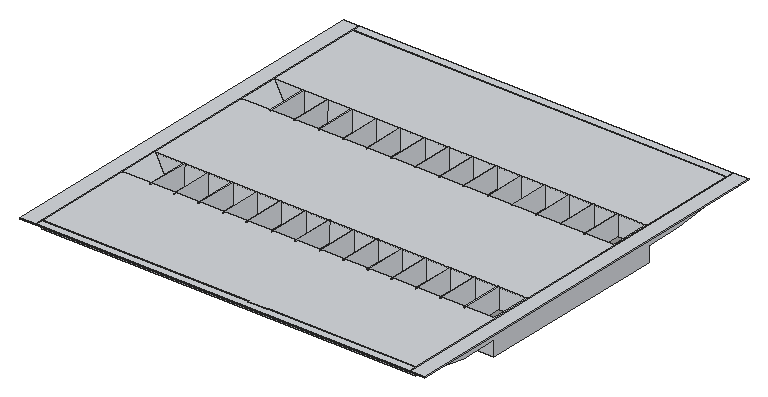
Revit family "0052605 Sylvania Lighting Fixture RANA NEO 3500LM REC 625x625 840 SSC EM 2L WHITE", category Lighting Fixtures, host Face, Revit 2016
Family settings
  Host = Face
  Part Type = Normal
  Round Connector Dimension = Use Diameter
  OmniClass Number = 23.80.70.00
  OmniClass Title = Lighting
  Cut with Voids When Loaded = No
  Light Source = Yes
  Shared = No
  Room Calculation Point = No
Parameters (values of type "0052605 RANA NEO 3500LM R 625 840 SSC EM 2L WHT")
  fin7 = 37 mm
  fin3 = 332 mm
  fin2 [instance] = 368 mm
  fin 6 = 110 mm
  fin 5 = 185 mm
  fin 4 = 258 mm
  fin 3 [instance] = 318 mm
  fin 2 = 407 mm
  fin 1 = 480 mm
  cut-out2 = 618 mm
  cut-out = 618 mm
  Width_SYL = if([600x600_SYL], 595 mm, if([625x625_SYL], 620 mm, if([1200_SYL], 296 mm, 306 mm)))  # 595 mm
  Width = 618 mm
  Weight = "n/a"
  Wattage Comments = ""
  Wattage = 193.079 W
  WarrantyStartDate [instance] = "n/a"
  WarrantyGuarantorParts = "n/a"
  WarrantyDurationUnit = "n/a"
  WarrantyDurationParts = ""
  WarrantyDescription = "http://www.sylvania-lighting.com"
  built-in parameter 1150110 = 1 (stored number, unit not read)
  Voltage = 0 V
  URL = "0.95"
  TypeName = "RANA NEO 3500LM REC 625x625 840 SSC EM 2L WHITE"
  Type Image = <None>
  Type Comments = "n/a"
  built-in parameter 1114217 = 1 (stored number, unit not read)
  TopWidth_SYL = if([600x600_SYL], 295 mm, if([625x625_SYL], 295 mm, if([1200_SYL], 165 mm, 165 mm)))  # 295 mm
  Tilt Angle = -90.00°
  built-in parameter 1150109 = 1 (stored number, unit not read)
  built-in parameter 1150134 = (empty or 0)
  built-in parameter 1150113 = 1 (stored number, unit not read)
  SlopeTopWidth_SYL = if([600x600_SYL], 410 mm, if([625x625_SYL], 410 mm, if([1200_SYL], 168 mm, 168 mm)))  # 410 mm
  SlopeBottomWidth_SYL = if([600x600_SYL], 593 mm, if([625x625_SYL], 593 mm, if([1200_SYL], 244 mm, 244 mm)))  # 593 mm
  SlopeHeight_SYL = if([600x600_SYL], 17 mm, if([625x625_SYL], 17 mm, if([1200_SYL], 40 mm, 40 mm)))  # 17 mm
  SerialNumber [instance] = "n/a"
  ReflectorNumber_SYL = if([1Ref_SYL], 2, if([2Ref_SYL], 2, 3))  # 2
  ReflectorLength_SYL = Length_SYL - Inset_SYL * 2 - 5 mm  # 550 mm
  ReflectorInset_SYL = if([1Ref_SYL], 82.4 mm, if([2Ref_SYL], 30 mm, 30 mm))  # 30 mm
  Photometric Web File = "0052605.ies"
  Material_3_SYL = none
  PowerFactor = 0.95
  PowerConsumption = "Lighting"
  NominalLength = 620 mm
  NominalHeight = 60 mm
  NominalDepth = 595 mm
  Name = "RANA NEO 3500LM REC 625x625 840 SSC EM 2L WHITE"
  ModelReference = Name  # "RANA NEO 3500LM REC 625x625 840 SSC EM 2L WHITE"
  ModelNumber = "0052605"
  Model = Name  # "RANA NEO 3500LM REC 625x625 840 SSC EM 2L WHITE"
  Material = "Feilo Sylvania"
  ManufacturerName = "106 lm/W"
  Manufacturer = ""
  LuminousEfficacy = ""
  built-in parameter 1150105 = 1536.5 (stored number, unit not read)
  Lumens = 19307.9 lm
  LuminaireType = "0"
  built-in parameter 1150115 = 1 (stored number, unit not read)
  LouverNumber_SYL = if([600x600_SYL], 14, if([625x625_SYL], 14, if([1200_SYL], 28, 28)))  # 14
  LightOutputRatio = "LED"
  built-in parameter 1150137 = (empty or 0)
  built-in parameter 1150139 = (empty or 0)
  Length_SYL = if([600x600_SYL], 595 mm, if([625x625_SYL], 620 mm, if([1200_SYL], 1196 mm, 1246 mm)))  # 595 mm
  Length = 618 mm
  LampsType = Lamp  # "n/a"
  LampNominalLuminous = "4000 K"
  LampMacAdamStep = "80"
  LampColourTemperature = "LED"
  LampColourRenderingIndex = "16500"
  built-in parameter 1150112 = 1 (stored number, unit not read)
  built-in parameter 1150114 = 1 (stored number, unit not read)
  Lamp = "n/a"
  LED position [instance] = 410 mm
  LED inside width = 165 mm
  LED inner void = 521.5 mm
  LED Width = 290 mm
  LED Length = 568 mm
  Keynote = "n/a"
  InstallationDate [instance] = "n/a"
  Inset_SYL = 20 mm  # constant formula
  InputVoltage = "0"
  InputNominalFrequency = "4000"
  built-in parameter 1150132 = (empty or 0)
  built-in parameter 1150102 = (empty or 0)
  built-in parameter 1150107 = 3000 (stored number, unit not read)
  built-in parameter 1150138 = (empty or 0)
  IngressProtection = "IfcLightFixtureType"
  ImpactProtectionIndex = "IfcLightFixtureType"
  built-in parameter 1150106 = 15.365 (stored number, unit not read)
  IfcExportType = "IfcLightFixtureType"
  IfcExportAs = "Class I"
  Height = 52 mm
  Emit from Rectangle Width = if([1Ref_SYL], 48 mm, TopWidth_SYL - 13 mm)  # 282 mm
  Emit from Rectangle Length = ReflectorLength_SYL - 8 mm  # 542 mm
  Emit Shape Visible in Rendering = no
  ElectricShockClassification = "106"
  built-in parameter 1150104 = 9.2903 (stored number, unit not read)
  DocumentationLiterature = "http://www.sylvania-lighting.com/product/en-int/products/0052605"
  DimmingControlOptions = "n/a"
  Material_2_SYL = none
  Dimming Lamp Color Temperature Shift = <None>
  Description = "-"
  Default Elevation = 1219.2 mm
  CreatedOn = "25/11/2019"
  CreatedBy = "@sylvania-lighting.com"
  Cost = 0
  Color Filter = 16777215
  built-in parameter 1114216 [instance] = (empty or 0)
  ClassificationValue = "EF_70_80"
  ClassificationName = "Uniclass2015"
  Material_1_SYL = none
  BarCode [instance] = "n/a"
  built-in parameter 1114218 = 1 (stored number, unit not read)
  built-in parameter 1150133 = 10 (stored number, unit not read)
  AssetType = "Fixed"
  AssetIdentifier [instance] = "n/a"
  Assembly Code = "D5020200"
  Apparent Load = 33 VA
  Material_4_SYL = none
  625x625_SYL = no
  600x600_SYL = yes
  2Ref_SYL = yes
  1Ref_SYL = no
  1200_SYL = no
Reference planes
  plane 1 "Center (Front/Back)": y = 0
  plane 2: z = 0
  plane 3 "Center (Left/Right)": x = 0
  plane 4: x = 60
  plane 5: x = 30
  plane 6: y = 297.5
  plane 7: y = -297.5
  plane 8: z = -120
  plane 9: z = -3
  plane 10: z = -12
  plane 11: z = -29
  plane 12: z = -52
  plane 13: y = -296.5
  plane 14: y = 296.5
  plane 15: y = 145
  plane 16: y = -145
  plane 17: y = 82.5
  plane 18: y = -82.5
  plane 19: x = -284
  plane 20: x = 284
  plane 21: y = 141
  plane 22: y = 86.5
  plane 23: x = -264
  plane 24: x = 257.5
  plane 25: x = -286
  plane 26: x = 286
  plane 27: y = -86.5
  plane 28: y = -141
  plane 29: x = 18.5
  plane 30: x = -18.5
  plane 31: x = 55
  plane 32: x = -55
  plane 33: x = 92.5
  plane 34: x = -92.5
  plane 35: x = 129
  plane 36: x = -129
  plane 37: x = 166
  plane 38: x = -166
  plane 39: x = -203.5
  plane 40: x = 203.5
  plane 41: x = -240
  plane 42: x = 240
  plane 43: x = 169.5
  plane 44: x = 162.5
  plane 45: x = 166.5
  plane 46: x = 165.5
  plane 47: x = 309
  plane 48: x = -309
  plane 49: y = 309
  plane 50: y = -309
  plane 51: x = 309
  plane 52: x = -309
  plane 53: y = 309
  plane 54: y = -309
Forms (mm)
  Extrusion 1, void
    sketch origin (0, 0, 0) x (1, 0, 0) y (0, 1, 0)
      loop
        line (-309, 309) -> (-309, -309) -> (309, -309) -> (309, 309) -> (-309, 309)
    from -120 to 97.685
  Extrusion 2, solid, detail levels medium+fine
    sketch origin (0, 0, 0) x (0, 1, 0) y (0, 0, 1)
      loop
        line (-296.5, 0) -> (-296.5, -12) -> (-205, -29) -> (-147.5, -29) -> (-147.5, -52) -> (147.5, -52) -> (147.5, -29) -> (205, -29) -> (296.5, -17.514) -> (296.5, 0) -> (-296.5, 0)
    from -286 to 286
  Extrusion 3, solid, detail levels medium+fine
    sketch origin (275, 1524, 1219.2) x (0, 1, 0) y (0, 0, 1)
      loop
        line (-1226.5, -1222.2) -> (-1226.5, -1219.2) -> (-1820.5, -1219.2) -> (-1820.5, -1222.2) -> (-1226.5, -1222.2)
    from 11 to -215
  Extrusion 4, solid, detail levels medium+fine
    sketch origin (-275, 1524, 1219.2) x (0, 1, 0) y (0, 0, 1)
      loop
        line (-1820.5, -1222.2) -> (-1227.5, -1222.2) -> (-1227.5, -1219.2) -> (-1820.5, -1219.2) -> (-1820.5, -1222.2)
    from -11 to 305
  Extrusion 5, solid, detail levels medium+fine
    sketch origin (0, 0, 0) x (0, 1, 0) y (0, 0, 1)
      loop
        line (-297.5, 0) -> (-297.5, -3) -> (-296.5, -3) -> (-296.5, 0) -> (-297.5, 0)
      loop
        line (297.5, -3) -> (297.5, 0) -> (296.5, 0) -> (296.5, -3) -> (297.5, -3)
    from 30 to 60
  Blend 6, void
    base sketch origin (0, 0, 0) x (1, 0, 0) y (0, 1, 0)
      loop
        line (-284, 145) -> (-284, 82.5) -> (284, 82.5) -> (284, 145) -> (-284, 145)
    top sketch origin (0, 0, 0) x (1, 0, 0) y (0, 1, 0)
      loop
        line (-264, 141) -> (-264, 86.5) -> (257.5, 86.5) -> (257.5, 141) -> (-264, 141)
    from 0 to -29
  Blend 7, void
    base sketch origin (0, 0, 0) x (1, 0, 0) y (0, 1, 0)
      loop
        line (-284, -82.5) -> (-284, -145) -> (284, -145) -> (284, -82.5) -> (-284, -82.5)
    top sketch origin (0, 0, 0) x (1, 0, 0) y (0, 1, 0)
      loop
        line (257.5, -86.5) -> (-264, -86.5) -> (-264, -141) -> (257.5, -141) -> (257.5, -86.5)
    from 0 to -29
  Extrusion 8, solid, detail levels fine
    sketch origin (0, 0, 0) x (1, 0, 0) y (0, 0, 1)
      loop
        line (162.5, -29) -> (169.5, -29) -> (166.5, 0) -> (165.5, 0) -> (162.5, -29)
    from -145 to -82.5
  Extrusion 9, solid, detail levels fine
    sketch origin (37.5, 0, 0) x (1, 0, 0) y (0, 0, 1)
      loop
        line (162.5, -29) -> (169.5, -29) -> (166.5, 0) -> (165.5, 0) -> (162.5, -29)
    from -145 to -82.5
  Extrusion 10, solid, detail levels fine
    sketch origin (74, 0, 0) x (1, 0, 0) y (0, 0, 1)
      loop
        line (162.5, -29) -> (169.5, -29) -> (166.5, 0) -> (165.5, 0) -> (162.5, -29)
    from -145 to -82.5
  Extrusion 11, solid, detail levels fine
    sketch origin (-37, 0, 0) x (1, 0, 0) y (0, 0, 1)
      loop
        line (162.5, -29) -> (169.5, -29) -> (166.5, 0) -> (165.5, 0) -> (162.5, -29)
    from -145 to -82.5
  Extrusion 12, solid, detail levels fine
    sketch origin (-73.5, 0, 0) x (1, 0, 0) y (0, 0, 1)
      loop
        line (162.5, -29) -> (169.5, -29) -> (166.5, 0) -> (165.5, 0) -> (162.5, -29)
    from -145 to -82.5
  Extrusion 13, solid, detail levels fine
    sketch origin (-111, 0, 0) x (1, 0, 0) y (0, 0, 1)
      loop
        line (162.5, -29) -> (169.5, -29) -> (166.5, 0) -> (165.5, 0) -> (162.5, -29)
    from -145 to -82.5
  Extrusion 14, solid, detail levels fine
    sketch origin (-147.5, 0, 0) x (1, 0, 0) y (0, 0, 1)
      loop
        line (162.5, -29) -> (169.5, -29) -> (166.5, 0) -> (165.5, 0) -> (162.5, -29)
    from -145 to -82.5
  Extrusion 15, solid, detail levels fine
    sketch origin (-184.5, 0, 0) x (1, 0, 0) y (0, 0, 1)
      loop
        line (162.5, -29) -> (169.5, -29) -> (166.5, 0) -> (165.5, 0) -> (162.5, -29)
    from -145 to -82.5
  Extrusion 16, solid, detail levels fine
    sketch origin (-221, 0, 0) x (1, 0, 0) y (0, 0, 1)
      loop
        line (162.5, -29) -> (169.5, -29) -> (166.5, 0) -> (165.5, 0) -> (162.5, -29)
    from -145 to -82.5
  Extrusion 17, solid, detail levels fine
    sketch origin (-258.5, 0, 0) x (1, 0, 0) y (0, 0, 1)
      loop
        line (162.5, -29) -> (169.5, -29) -> (166.5, 0) -> (165.5, 0) -> (162.5, -29)
    from -145 to -82.5
  Extrusion 18, solid, detail levels fine
    sketch origin (-295, 0, 0) x (1, 0, 0) y (0, 0, 1)
      loop
        line (162.5, -29) -> (169.5, -29) -> (166.5, 0) -> (165.5, 0) -> (162.5, -29)
    from -145 to -82.5
  Extrusion 19, solid, detail levels fine
    sketch origin (-332, 0, 0) x (1, 0, 0) y (0, 0, 1)
      loop
        line (162.5, -29) -> (169.5, -29) -> (166.5, 0) -> (165.5, 0) -> (162.5, -29)
    from -145 to -82.5
  Extrusion 20, solid, detail levels fine
    sketch origin (-369.5, 0, 0) x (1, 0, 0) y (0, 0, 1)
      loop
        line (162.5, -29) -> (169.5, -29) -> (166.5, 0) -> (165.5, 0) -> (162.5, -29)
    from -145 to -82.5
  Extrusion 21, solid, detail levels fine
    sketch origin (-406, 0, 0) x (1, 0, 0) y (0, 0, 1)
      loop
        line (162.5, -29) -> (169.5, -29) -> (166.5, 0) -> (165.5, 0) -> (162.5, -29)
    from -145 to -82.5
  Extrusion 22, solid, detail levels fine
    sketch origin (-406.072, 0, -0.017) x (1, 0, 0) y (0, 0, 1)
      loop
        line (162.5, -29) -> (169.5, -29) -> (166.5, 0) -> (165.5, 0) -> (162.5, -29)
    from 82.5 to 147.5
  Extrusion 23, solid, detail levels fine
    sketch origin (-369.572, 0, -0.017) x (1, 0, 0) y (0, 0, 1)
      loop
        line (162.5, -29) -> (169.5, -29) -> (166.5, 0) -> (165.5, 0) -> (162.5, -29)
    from 82.5 to 147.5
  Extrusion 24, solid, detail levels fine
    sketch origin (-331.998, 0, -0.017) x (1, 0, 0) y (0, 0, 1)
      loop
        line (162.5, -29) -> (169.5, -29) -> (166.5, 0) -> (165.5, 0) -> (162.5, -29)
    from 82.5 to 147.5
  Extrusion 25, solid, detail levels fine
    sketch origin (-294.998, 0, -0.017) x (1, 0, 0) y (0, 0, 1)
      loop
        line (162.5, -29) -> (169.5, -29) -> (166.5, 0) -> (165.5, 0) -> (162.5, -29)
    from 82.5 to 147.5
  Extrusion 26, solid, detail levels fine
    sketch origin (-258.498, 0, -0.017) x (1, 0, 0) y (0, 0, 1)
      loop
        line (162.5, -29) -> (169.5, -29) -> (166.5, 0) -> (165.5, 0) -> (162.5, -29)
    from 82.5 to 147.5
  Extrusion 27, solid, detail levels fine
    sketch origin (-221, 0, -0.017) x (1, 0, 0) y (0, 0, 1)
      loop
        line (162.5, -29) -> (169.5, -29) -> (166.5, 0) -> (165.5, 0) -> (162.5, -29)
    from 82.5 to 147.5
  Extrusion 28, solid, detail levels fine
    sketch origin (-184.5, 0, -0.017) x (1, 0, 0) y (0, 0, 1)
      loop
        line (162.5, -29) -> (169.5, -29) -> (166.5, 0) -> (165.5, 0) -> (162.5, -29)
    from 82.5 to 147.5
  Extrusion 29, solid, detail levels fine
    sketch origin (-147.5, 0, -0.017) x (1, 0, 0) y (0, 0, 1)
      loop
        line (162.5, -29) -> (169.5, -29) -> (166.5, 0) -> (165.5, 0) -> (162.5, -29)
    from 82.5 to 147.5
  Extrusion 30, solid, detail levels fine
    sketch origin (-111, 0, -0.017) x (1, 0, 0) y (0, 0, 1)
      loop
        line (162.5, -29) -> (169.5, -29) -> (166.5, 0) -> (165.5, 0) -> (162.5, -29)
    from 82.5 to 147.5
  Extrusion 31, solid, detail levels fine
    sketch origin (-73.5, 0, -0.017) x (1, 0, 0) y (0, 0, 1)
      loop
        line (162.5, -29) -> (169.5, -29) -> (166.5, 0) -> (165.5, 0) -> (162.5, -29)
    from 82.5 to 147.5
  Extrusion 32, solid, detail levels fine
    sketch origin (-37, 0, -0.017) x (1, 0, 0) y (0, 0, 1)
      loop
        line (162.5, -29) -> (169.5, -29) -> (166.5, 0) -> (165.5, 0) -> (162.5, -29)
    from 82.5 to 147.5
  Extrusion 33, solid, detail levels fine
    sketch origin (0, 0, -0.017) x (1, 0, 0) y (0, 0, 1)
      loop
        line (162.5, -29) -> (169.5, -29) -> (166.5, 0) -> (165.5, 0) -> (162.5, -29)
    from 82.5 to 147.5
  Extrusion 34, solid, detail levels fine
    sketch origin (37.5, 0, -0.017) x (1, 0, 0) y (0, 0, 1)
      loop
        line (162.5, -29) -> (169.5, -29) -> (166.5, 0) -> (165.5, 0) -> (162.5, -29)
    from 82.5 to 147.5
  Extrusion 35, solid, detail levels fine
    sketch origin (74, 0, -0.017) x (1, 0, 0) y (0, 0, 1)
      loop
        line (162.5, -29) -> (169.5, -29) -> (166.5, 0) -> (165.5, 0) -> (162.5, -29)
    from 82.5 to 147.5
  Extrusion 36, solid, material "Glass, White, High Luminance", detail levels fine
    sketch origin (0, 0, 0) x (1, 0, 0) y (0, 1, 0)
      loop
        line (-264, 141) -> (-264, 86.5) -> (257.5, 86.5) -> (257.5, 141) -> (-264, 141)
    from -29 to -28
  Extrusion 37, solid, material "Glass, White, High Luminance", detail levels fine
    sketch origin (0, 0, 0) x (1, 0, 0) y (0, 1, 0)
      loop
        line (-264, -86.5) -> (-264, -141) -> (257.5, -141) -> (257.5, -86.5) -> (-264, -86.5)
    from -29 to -28
  Extrusion 38, solid, detail levels coarse
    sketch origin (0, 0, 0) x (1, 0, 0) y (0, 1, 0)
      loop
        line (-309, 309) -> (-309, -309) -> (309, -309) -> (309, 309) -> (-309, 309)
    from -52 to 0
  Extrusion 39, solid, detail levels medium+fine
    sketch origin (0, 0, 0) x (1, 0, 0) y (0, 1, 0)
      loop
        line (-309, 309) -> (-309, -309) -> (-286, -309) -> (-286, 309) -> (-309, 309)
    from -1.177 to 0.023
  Extrusion 40, solid, detail levels medium+fine
    sketch origin (0, 0, 0) x (1, 0, 0) y (0, 1, 0)
      loop
        line (309, 309) -> (286, 309) -> (286, -309) -> (309, -309) -> (309, 309)
    from 0 to -1.2
  Extrusion 41, solid, detail levels medium+fine
    sketch origin (0, 1219.2, 38) x (1, 0, 0) y (0, 1, 0)
      loop
        line (286, -1528.2) -> (286, -1515.7) -> (-286, -1515.7) -> (-286, -1528.2) -> (286, -1528.2)
    from -39.177 to -38
  Extrusion 42, solid, detail levels medium+fine
    sketch origin (0, 1219.2, 38) x (1, 0, 0) y (0, 1, 0)
      loop
        line (-286, -910.2) -> (-286, -922.7) -> (286, -922.7) -> (286, -910.2) -> (-286, -910.2)
    from -39.177 to -38
Cuts and joins
  Blend 6, Blend 7 cuts Extrusion 2
  Blend 6, Blend 7 cuts Extrusion 3
  Blend 6, Blend 7 cuts Extrusion 4
  Blend 6, Blend 7 cuts Extrusion 5
  joined: Extrusion 2, Extrusion 3, Extrusion 4, Extrusion 5
Dimensions and locks
  locked: plane 2 to plane 8 at 120
  locked: plane 2 to plane 9 at 3
  locked: plane 2 to plane 10 at 12
  "SlopeHeight_SYL": plane 11 to plane 10
  "Height": plane 2 to plane 12
  equal spacing: plane 13, plane 1 "Center (Front/Back)", plane 14
  "SlopeBottomWidth_SYL": plane 13 to plane 14
  "LED Width": plane 15 to plane 16
  equal spacing: plane 15, plane 1 "Center (Front/Back)", plane 16
  "LED inside width": plane 17 to plane 18
  equal spacing: plane 17, plane 1 "Center (Front/Back)", plane 18
  "LED Length": plane 19 to plane 20
  equal spacing: plane 19, plane 3 "Center (Left/Right)", plane 20
  "LED inner void": plane 23 to plane 24
  "fin7": plane 29 to plane 30
  equal spacing: plane 29, plane 3 "Center (Left/Right)", plane 30
  "fin 6": plane 31 to plane 32
  equal spacing: plane 31, plane 3 "Center (Left/Right)", plane 32
  "fin 5": plane 33 to plane 34
  equal spacing: plane 33, plane 3 "Center (Left/Right)", plane 34
  "fin 4": plane 35 to plane 36
  equal spacing: plane 35, plane 3 "Center (Left/Right)", plane 36
  "fin 2": plane 40 to plane 39
  equal spacing: plane 40, plane 3 "Center (Left/Right)", plane 39
  "fin3": plane 37 to plane 38
  equal spacing: plane 37, plane 3 "Center (Left/Right)", plane 38
  "fin 1": plane 42 to plane 41
  equal spacing: plane 42, plane 3 "Center (Left/Right)", plane 41
  "ReflectorInset_SYL": plane 5 to plane 4
  equal spacing: plane 3 "Center (Left/Right)", plane 5, plane 4
  "Length": plane 48 to plane 47
  equal spacing: plane 48, plane 3 "Center (Left/Right)", plane 47
  "Width": plane 49 to plane 50
  equal spacing: plane 49, plane 1 "Center (Front/Back)", plane 50
  "cut-out": plane 52 to plane 51
  equal spacing: plane 52, plane 3 "Center (Left/Right)", plane 51
  "cut-out2": plane 53 to plane 54
  equal spacing: plane 53, plane 1 "Center (Front/Back)", plane 54
  aligned and locked: plane 2 to host face
  aligned and locked: level to host face
  aligned and locked: plane 10 to Extrusion 2 sketch curve
  aligned and locked: plane 12 to Extrusion 2 sketch curve
  aligned and locked: plane 11 to Extrusion 2 sketch curve  (x2)
  aligned and locked: Extrusion 2 sketch curve to level
  aligned and locked: plane 6 to Extrusion 3 sketch curve
  aligned and locked: plane 4 to Extrusion 3
  aligned and locked: Extrusion 4 sketch curve to cut or joined group of Extrusion 2, Extrusion 3, Extrusion 4, Extrusion 5, Blend 6, Blend 7
  aligned and locked: Extrusion 4 to plane 5
  aligned and locked: Extrusion 4 to Extrusion 2
  aligned and locked: plane 14 to Extrusion 2 sketch curve
  aligned and locked: plane 13 to Extrusion 2 sketch curve
  aligned and locked: Extrusion 5 sketch curve to level  (x2)
  aligned and locked: Extrusion 5 sketch curve to plane 7
  aligned and locked: cut or joined group of Extrusion 2, Extrusion 3, Extrusion 4, Extrusion 5, Blend 6, Blend 7 to Extrusion 5 sketch curve
  aligned and locked: Extrusion 5 sketch curve to cut or joined group of Extrusion 2, Extrusion 3, Extrusion 4, Extrusion 5, Blend 6, Blend 7  (x2)
  aligned and locked: Extrusion 5 to plane 5
  aligned and locked: plane 4 to Extrusion 5
Automatic sketch dimensions
  host sketch curve to host sketch curve = 1219.2 mm
  host sketch curve to host sketch curve = 1211.616 mm
  Extrusion 2 sketch curve to plane 16 = 60 mm
  Extrusion 2 sketch curve to plane 16 = 2.5 mm
  plane 15 to Extrusion 2 sketch curve = 2.5 mm
  Extrusion 2 sketch curve to Extrusion 2 sketch curve = 57.5 mm
  plane 10 to Extrusion 2 sketch curve = 5.514 mm
  plane 9 to Extrusion 3 sketch curve = 0 mm
  Extrusion 3 sketch curve to plane 13 = 0 mm
  Blend 6 sketch curve to plane 17 = 0 mm
  Blend 6 sketch curve to plane 19 = 0 mm
  Blend 6 sketch curve to plane 20 = 0 mm
  Blend 6 sketch curve to plane 15 = 0 mm
  Blend 6 sketch curve to plane 22 = 0 mm
  Blend 6 sketch curve to plane 23 = 0 mm
  Blend 6 sketch curve to plane 24 = 0 mm
  Blend 6 sketch curve to plane 21 = 0 mm
  Blend 7 sketch curve to plane 16 = 0 mm
  Blend 7 sketch curve to plane 19 = 0 mm
  Blend 7 sketch curve to plane 20 = 0 mm
  Blend 7 sketch curve to plane 18 = 0 mm
  Blend 7 sketch curve to plane 23 = 0 mm
  Blend 7 sketch curve to plane 24 = 0 mm
  Blend 7 sketch curve to plane 28 = 0 mm
  Blend 7 sketch curve to plane 27 = 0 mm
  Extrusion 8 sketch curve to plane 11 = 0 mm
  Extrusion 8 sketch curve to plane 44 = 0 mm
  Extrusion 8 sketch curve to level = 0 mm
  Extrusion 8 sketch curve to plane 46 = 0 mm
  Extrusion 8 sketch curve to plane 45 = 0 mm
  Extrusion 8 sketch curve to plane 43 = 0 mm
  Extrusion 9 sketch curve to plane 11 = 0 mm
  Extrusion 9 sketch curve to level = 0 mm
  Extrusion 9 sketch curve to plane 40 = 3.5 mm
  Extrusion 9 sketch curve to plane 40 = 0.5 mm
  plane 40 to Extrusion 9 sketch curve = 0.5 mm
  plane 40 to Extrusion 9 sketch curve = 3.5 mm
  Extrusion 10 sketch curve to plane 11 = 0 mm
  Extrusion 10 sketch curve to level = 0 mm
  Extrusion 10 sketch curve to plane 42 = 3.5 mm
  Extrusion 10 sketch curve to plane 42 = 0.5 mm
  plane 42 to Extrusion 10 sketch curve = 0.5 mm
  plane 42 to Extrusion 10 sketch curve = 3.5 mm
  Extrusion 11 sketch curve to plane 11 = 0 mm
  Extrusion 11 sketch curve to level = 0 mm
  Extrusion 11 sketch curve to plane 35 = 3.5 mm
  Extrusion 11 sketch curve to plane 35 = 0.5 mm
  plane 35 to Extrusion 11 sketch curve = 0.5 mm
  plane 35 to Extrusion 11 sketch curve = 3.5 mm
  Extrusion 12 sketch curve to plane 11 = 0 mm
  Extrusion 12 sketch curve to level = 0 mm
  Extrusion 12 sketch curve to plane 33 = 3.5 mm
  Extrusion 12 sketch curve to plane 33 = 0.5 mm
  plane 33 to Extrusion 12 sketch curve = 0.5 mm
  plane 33 to Extrusion 12 sketch curve = 3.5 mm
  Extrusion 13 sketch curve to plane 11 = 0 mm
  Extrusion 13 sketch curve to level = 0 mm
  Extrusion 13 sketch curve to plane 31 = 3.5 mm
  Extrusion 13 sketch curve to plane 31 = 0.5 mm
  plane 31 to Extrusion 13 sketch curve = 0.5 mm
  plane 31 to Extrusion 13 sketch curve = 3.5 mm
  Extrusion 14 sketch curve to plane 11 = 0 mm
  Extrusion 14 sketch curve to level = 0 mm
  Extrusion 14 sketch curve to plane 29 = 3.5 mm
  Extrusion 14 sketch curve to plane 29 = 0.5 mm
  plane 29 to Extrusion 14 sketch curve = 0.5 mm
  plane 29 to Extrusion 14 sketch curve = 3.5 mm
  Extrusion 15 sketch curve to plane 11 = 0 mm
  Extrusion 15 sketch curve to level = 0 mm
  Extrusion 15 sketch curve to plane 30 = 3.5 mm
  Extrusion 15 sketch curve to plane 30 = 0.5 mm
  plane 30 to Extrusion 15 sketch curve = 0.5 mm
  plane 30 to Extrusion 15 sketch curve = 3.5 mm
  Extrusion 16 sketch curve to plane 11 = 0 mm
  Extrusion 16 sketch curve to level = 0 mm
  Extrusion 16 sketch curve to plane 32 = 3.5 mm
  Extrusion 16 sketch curve to plane 32 = 0.5 mm
  plane 32 to Extrusion 16 sketch curve = 0.5 mm
  plane 32 to Extrusion 16 sketch curve = 3.5 mm
  Extrusion 17 sketch curve to plane 11 = 0 mm
  Extrusion 17 sketch curve to level = 0 mm
  Extrusion 17 sketch curve to plane 34 = 3.5 mm
  Extrusion 17 sketch curve to plane 34 = 0.5 mm
  plane 34 to Extrusion 17 sketch curve = 0.5 mm
  plane 34 to Extrusion 17 sketch curve = 3.5 mm
  Extrusion 18 sketch curve to plane 11 = 0 mm
  Extrusion 18 sketch curve to level = 0 mm
  Extrusion 18 sketch curve to plane 36 = 3.5 mm
  Extrusion 18 sketch curve to plane 36 = 0.5 mm
  plane 36 to Extrusion 18 sketch curve = 0.5 mm
  plane 36 to Extrusion 18 sketch curve = 3.5 mm
  Extrusion 19 sketch curve to plane 11 = 0 mm
  Extrusion 19 sketch curve to level = 0 mm
  Extrusion 19 sketch curve to plane 38 = 3.5 mm
  Extrusion 19 sketch curve to plane 38 = 0.5 mm
  plane 38 to Extrusion 19 sketch curve = 0.5 mm
  plane 38 to Extrusion 19 sketch curve = 3.5 mm
  Extrusion 20 sketch curve to plane 11 = 0 mm
  Extrusion 20 sketch curve to level = 0 mm
  Extrusion 20 sketch curve to plane 39 = 3.5 mm
  Extrusion 20 sketch curve to plane 39 = 0.5 mm
  plane 39 to Extrusion 20 sketch curve = 0.5 mm
  plane 39 to Extrusion 20 sketch curve = 3.5 mm
  Extrusion 21 sketch curve to plane 11 = 0 mm
  Extrusion 21 sketch curve to level = 0 mm
  Extrusion 21 sketch curve to plane 41 = 3.5 mm
  Extrusion 21 sketch curve to plane 41 = 0.5 mm
  plane 41 to Extrusion 21 sketch curve = 0.5 mm
  plane 41 to Extrusion 21 sketch curve = 3.5 mm
  plane 11 to Extrusion 22 sketch curve = 0.017 mm
  Extrusion 22 sketch curve to plane 41 = 3.572 mm
  Extrusion 22 sketch curve to level = 0.017 mm
  Extrusion 22 sketch curve to plane 41 = 0.572 mm
  plane 41 to Extrusion 22 sketch curve = 0.428 mm
  plane 41 to Extrusion 22 sketch curve = 3.428 mm
  plane 11 to Extrusion 23 sketch curve = 0.017 mm
  Extrusion 23 sketch curve to plane 39 = 3.572 mm
  Extrusion 23 sketch curve to level = 0.017 mm
  Extrusion 23 sketch curve to plane 39 = 0.572 mm
  plane 39 to Extrusion 23 sketch curve = 0.428 mm
  plane 39 to Extrusion 23 sketch curve = 3.428 mm
  plane 11 to Extrusion 24 sketch curve = 0.017 mm
  Extrusion 24 sketch curve to plane 38 = 3.498 mm
  Extrusion 24 sketch curve to level = 0.017 mm
  Extrusion 24 sketch curve to plane 38 = 0.498 mm
  plane 38 to Extrusion 24 sketch curve = 0.502 mm
  plane 38 to Extrusion 24 sketch curve = 3.502 mm
  plane 11 to Extrusion 25 sketch curve = 0.017 mm
  Extrusion 25 sketch curve to plane 36 = 3.498 mm
  Extrusion 25 sketch curve to level = 0.017 mm
  Extrusion 25 sketch curve to plane 36 = 0.498 mm
  plane 36 to Extrusion 25 sketch curve = 0.502 mm
  plane 36 to Extrusion 25 sketch curve = 3.502 mm
  plane 11 to Extrusion 26 sketch curve = 0.017 mm
  Extrusion 26 sketch curve to plane 34 = 3.498 mm
  Extrusion 26 sketch curve to level = 0.017 mm
  Extrusion 26 sketch curve to plane 34 = 0.498 mm
  plane 34 to Extrusion 26 sketch curve = 0.502 mm
  plane 34 to Extrusion 26 sketch curve = 3.502 mm
  plane 11 to Extrusion 27 sketch curve = 0.017 mm
  Extrusion 27 sketch curve to plane 32 = 3.5 mm
  Extrusion 27 sketch curve to level = 0.017 mm
  Extrusion 27 sketch curve to plane 32 = 0.5 mm
  plane 32 to Extrusion 27 sketch curve = 0.5 mm
  plane 32 to Extrusion 27 sketch curve = 3.5 mm
  plane 11 to Extrusion 28 sketch curve = 0.017 mm
  Extrusion 28 sketch curve to plane 30 = 3.5 mm
  Extrusion 28 sketch curve to level = 0.017 mm
  Extrusion 28 sketch curve to plane 30 = 0.5 mm
  plane 30 to Extrusion 28 sketch curve = 0.5 mm
  plane 30 to Extrusion 28 sketch curve = 3.5 mm
  plane 11 to Extrusion 29 sketch curve = 0.017 mm
  Extrusion 29 sketch curve to plane 29 = 3.5 mm
  Extrusion 29 sketch curve to level = 0.017 mm
  Extrusion 29 sketch curve to plane 29 = 0.5 mm
  plane 29 to Extrusion 29 sketch curve = 0.5 mm
  plane 29 to Extrusion 29 sketch curve = 3.5 mm
  plane 11 to Extrusion 30 sketch curve = 0.017 mm
  Extrusion 30 sketch curve to plane 31 = 3.5 mm
  Extrusion 30 sketch curve to level = 0.017 mm
  Extrusion 30 sketch curve to plane 31 = 0.5 mm
  plane 31 to Extrusion 30 sketch curve = 0.5 mm
  plane 31 to Extrusion 30 sketch curve = 3.5 mm
  plane 11 to Extrusion 31 sketch curve = 0.017 mm
  Extrusion 31 sketch curve to plane 33 = 3.5 mm
  Extrusion 31 sketch curve to level = 0.017 mm
  Extrusion 31 sketch curve to plane 33 = 0.5 mm
  plane 33 to Extrusion 31 sketch curve = 0.5 mm
  plane 33 to Extrusion 31 sketch curve = 3.5 mm
  plane 11 to Extrusion 32 sketch curve = 0.017 mm
  Extrusion 32 sketch curve to plane 35 = 3.5 mm
  Extrusion 32 sketch curve to level = 0.017 mm
  Extrusion 32 sketch curve to plane 35 = 0.5 mm
  plane 35 to Extrusion 32 sketch curve = 0.5 mm
  plane 35 to Extrusion 32 sketch curve = 3.5 mm
  Extrusion 33 sketch curve to plane 44 = 0 mm
  Extrusion 33 sketch curve to plane 46 = 0 mm
  Extrusion 33 sketch curve to plane 45 = 0 mm
  Extrusion 33 sketch curve to plane 43 = 0 mm
  plane 11 to Extrusion 33 sketch curve = 0.017 mm
  Extrusion 33 sketch curve to level = 0.017 mm
  plane 11 to Extrusion 34 sketch curve = 0.017 mm
  Extrusion 34 sketch curve to plane 40 = 3.5 mm
  Extrusion 34 sketch curve to level = 0.017 mm
  Extrusion 34 sketch curve to plane 40 = 0.5 mm
  plane 40 to Extrusion 34 sketch curve = 0.5 mm
  plane 40 to Extrusion 34 sketch curve = 3.5 mm
  plane 11 to Extrusion 35 sketch curve = 0.017 mm
  Extrusion 35 sketch curve to plane 42 = 3.5 mm
  Extrusion 35 sketch curve to level = 0.017 mm
  Extrusion 35 sketch curve to plane 42 = 0.5 mm
  plane 42 to Extrusion 35 sketch curve = 0.5 mm
  plane 42 to Extrusion 35 sketch curve = 3.5 mm
  Extrusion 36 sketch curve to plane 22 = 0 mm
  Extrusion 36 sketch curve to plane 23 = 0 mm
  Extrusion 36 sketch curve to plane 24 = 0 mm
  Extrusion 36 sketch curve to plane 21 = 0 mm
  Extrusion 37 sketch curve to plane 23 = 0 mm
  Extrusion 37 sketch curve to plane 24 = 0 mm
  Extrusion 37 sketch curve to plane 28 = 0 mm
  Extrusion 37 sketch curve to plane 27 = 0 mm
  Extrusion 38 sketch curve to plane 5 = 339 mm
  plane 4 to Extrusion 38 sketch curve = 249 mm
  plane 7 to Extrusion 38 sketch curve = 11.5 mm
  Extrusion 38 sketch curve to plane 6 = 11.5 mm
  plane 13 to Extrusion 39 sketch curve = 12.5 mm
  Extrusion 39 sketch curve to plane 48 = 0 mm
  Extrusion 39 sketch curve to plane 25 = 0 mm
  Extrusion 39 sketch curve to plane 6 = 11.5 mm
  Extrusion 40 sketch curve to plane 6 = 11.5 mm
  Extrusion 40 sketch curve to plane 26 = 0 mm
  plane 13 to Extrusion 40 sketch curve = 12.5 mm
  Extrusion 40 sketch curve to plane 47 = 0 mm
  Extrusion 3 sketch curve to level = 0 mm
  Extrusion 4 sketch curve to plane 13 = 0 mm
  Extrusion 4 sketch curve to level = 0 mm
  Extrusion 4 sketch curve to plane 14 = 0 mm
  Extrusion 5 sketch curve to plane 13 = 0 mm
  Extrusion 5 sketch curve to plane 14 = 0 mm
  Extrusion 41 sketch curve to plane 25 = 0 mm
  Extrusion 41 sketch curve to plane 26 = 0 mm
  Extrusion 41 sketch curve to plane 50 = 0 mm
  plane 13 to Extrusion 41 sketch curve = 0 mm
  plane 14 to Extrusion 42 sketch curve = 0 mm
  Extrusion 42 sketch curve to plane 25 = 0 mm
  Extrusion 42 sketch curve to plane 26 = 0 mm
  Extrusion 42 sketch curve to plane 49 = 0 mm
  plane 4 to Extrusion 1 sketch curve = 249 mm
  Extrusion 1 sketch curve to plane 5 = 339 mm
  plane 7 to Extrusion 1 sketch curve = 11.5 mm
  Extrusion 1 sketch curve to plane 6 = 11.5 mm
Connectors
  electrical at (0, 0, -52), driven by "Voltage", driven by "Apparent Load", driven by "PowerFactor"
    settings: on cut or joined group of Extrusion 2, Extrusion 3, Extrusion 4, Extrusion 5, Blend 6, Blend 7, index 1, voltage 0 V, apparent load 33 VA, apparent load phase1 0 VA, apparent load phase2 0 VA, apparent load phase3 0 VA, power factor 0.95, load classification "Lighting", number of poles 1, system type 30, power factor state 1, is connector primary yes, connector utility no, sub classification motor no, connector description ""
